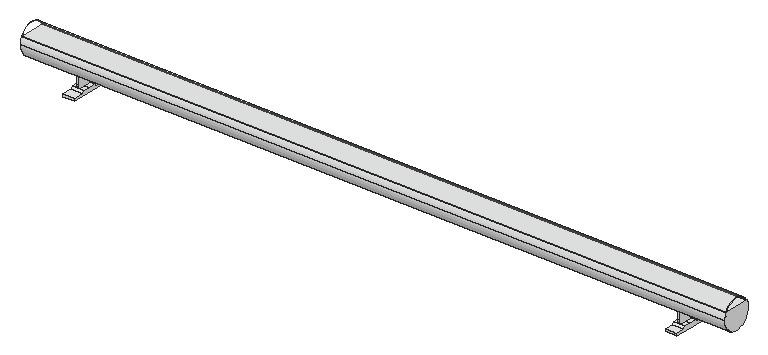
Revit family "Lighting-Linear-Acclaim-Aqua Graze", category Lighting Fixtures, host Face, Revit 2016
Family settings
  Host = Face
  Part Type = Normal
  Round Connector Dimension = Use Diameter
  Cut with Voids When Loaded = No
  Light Source = Yes
  Shared = No
  Room Calculation Point = No
Parameters (values of type "D")
  Wattage = 9.2903 W
  built-in parameter 1150110 = 1 (stored number, unit not read)
  Voltage = 0 V
  URL = "http://www.acclaimlighting.com/"
  built-in parameter 1114217 = 1 (stored number, unit not read)
  Tilt Angle = -90.00°
  built-in parameter 1150109 = 1 (stored number, unit not read)
  built-in parameter 1150134 = 3
  built-in parameter 1150113 = 1 (stored number, unit not read)
  Power Factor = 1
  Photometric Web File = "generic"
  Number of Poles = 1
  built-in parameter 1150142 = (empty or 0)
  Model = "Aqua Graze"
  Manufacturer = "Acclaim Lighting"
  built-in parameter 1150105 = 109.82 (stored number, unit not read)
  Lumens = 1380 lm
  built-in parameter 1150115 = 1 (stored number, unit not read)
  built-in parameter 1150137 = (empty or 0)
  built-in parameter 1150139 = (empty or 0)
  Length = 4' - 0"
  built-in parameter 1150112 = 1 (stored number, unit not read)
  built-in parameter 1150114 = 1 (stored number, unit not read)
  Lamp = "LED"
  built-in parameter 1150132 = (empty or 0)
  built-in parameter 1150102 = (empty or 0)
  built-in parameter 1150107 = 3200 (stored number, unit not read)
  built-in parameter 1150138 = (empty or 0)
  built-in parameter 1150106 = 1.0982 (stored number, unit not read)
  Housing Finish = Aluminum
  Emit from Line Length = Length  # 4' - 0"
  built-in parameter 1150104 = 13.8 (stored number, unit not read)
  Dimming Lamp Color Temperature Shift = <None>
  Description = "Graze Lighting"
  Default Elevation = 4' - 0"
  Color Filter = 16777215
  built-in parameter 1114218 = 1 (stored number, unit not read)
  built-in parameter 1150133 = 10 (stored number, unit not read)
  Apparent Load = 0 VA
Types (3): name | Model | Length | Emit from Line Length
  (no name) | "Aqua Graze" | 4' - 0" | 4' - 0"
  A | "Dyna Graze Exterior HO" | 1' - 0" | 1' - 0"
  D | "Aqua Graze" | 4' - 0" | 4' - 0"
Reference planes (in)
  plane 1 "Center (Front/Back)": y = 0
  plane 2: z = 0
  plane 3 "Center (Left/Right)": x = 0
  plane 4: x = -24
  plane 5: x = 24
  plane 6: x = -20.86874
  plane 7: x = -20.08749
  plane 8: x = 20.06876
  plane 9: x = 20.85001
  plane 10: z = 2.95
  plane 11: z = 2.03932
  plane 12: y = 1.44922
  plane 13: y = -1.44922
Forms (in)
  Extrusion 1, solid, material "Aluminum" <- "Housing Finish"
    sketch origin (0, 0, 0) x (0, 1, 0) y (0, 0, 1)
      loop
        line (-1.26397, 0.14958) -> (-1.26397, 0) -> (0, 0) -> (1.31865, 0) -> (1.31865, 0.14958) -> (0.54942, 0.14958) -> (0.45223, 0.28839) -> (0, 0.28839) -> (-0.45223, 0.28839) -> (-0.54942, 0.14958) -> (-1.26397, 0.14958)
    from -20.86874 to -20.08749
  Extrusion 2, solid, material "Aluminum" <- "Housing Finish"
    sketch origin (0, 0, 0) x (0, 1, 0) y (0, 0, 1)
      loop
        line (-1.13115, 0.14958) -> (-1.13115, 0) -> (0, 0) -> (1.11553, 0) -> (1.11553, 0.14958) -> (0.54942, 0.14958) -> (0.45223, 0.28839) -> (0, 0.28839) -> (-0.45223, 0.28839) -> (-0.54942, 0.14958) -> (-1.13115, 0.14958)
    from 20.06876 to 20.85001
  Extrusion 3, solid, material "Aluminum"
    sketch origin (0, 0, 0) x (0, 1, 0) y (0, 0, 1)
      loop
        line (0.49683, 1.14715) -> (-0.49683, 1.14715) -> (-0.49683, 0.55647)
        arc (-0.49683, 0.55647) -> (-0.34348, 0.23988) -> (0, 0.16395) r 0.40347
        arc (0, 0.16395) -> (0.34348, 0.23988) -> (0.49683, 0.55647) r 0.40347
        line (0.49683, 0.55647) -> (0.49683, 1.14715)
    from 20.38561 to 20.49828
  Extrusion 4, solid, material "Aluminum"
    sketch origin (0, 0, 0) x (0, 1, 0) y (0, 0, 1)
      loop
        line (0.49683, 1.14715) -> (-0.49683, 1.14715) -> (-0.49683, 0.55647)
        arc (-0.49683, 0.55647) -> (-0.34348, 0.23988) -> (0, 0.16395) r 0.40347
        arc (0, 0.16395) -> (0.34348, 0.23988) -> (0.49683, 0.55647) r 0.40347
        line (0.49683, 0.55647) -> (0.49683, 1.14715)
    from -20.55346 to -20.44983
  Extrusion 5, solid, material "Aluminum"
    sketch origin (0, 0, 0) x (0, 1, 0) y (0, 0, 1)
      loop
        circle (0, 1.95078) r 1
    from -24 to 24
  Extrusion 6, void
    sketch origin (0, 0, 0) x (0, 1, 0) y (0, 0, 1)
      loop
        arc (0.89953, 2.38765) -> (0, 2.95078) -> (-0.89953, 2.38765) r 1
        line (-0.89953, 2.38765) -> (0.89953, 2.38765)
    from -24 to 24
  Extrusion 7, solid, material "Glass"
    sketch origin (0, 0, 0) x (0, 1, 0) y (0, 0, 1)
      loop
        arc (0.89953, 2.38765) -> (0, 2.95) -> (-0.89953, 2.38765) r 1.00061
        line (-0.89953, 2.38765) -> (-0.82944, 2.38765)
        arc (-0.82944, 2.38765) -> (0, 2.8875) -> (0.82944, 2.38765) r 0.93811
        line (0.82944, 2.38765) -> (0.89953, 2.38765)
    from -24 to 24
Cuts and joins
  Extrusion 6 cuts Extrusion 5
Dimensions and locks (in)
  equal spacing: plane 4, plane 3 "Center (Left/Right)", plane 5
  plane 4 to plane 5 = 4' - 0"
  equal spacing: plane 5, plane 3 "Center (Left/Right)", plane 4
  "Length": plane 5 to plane 4
  equal spacing: plane 12, plane 1 "Center (Front/Back)", plane 13
  plane 12 to plane 13 = 0' - 2 115/128"
  plane 8 to plane 9 to plane 5 = 0' - 0 25/32" locked, 0' - 3.14999" locked
  plane 4 to plane 6 to plane 7 = 0' - 3.13126" locked, 0' - 0 25/32" locked
  Extrusion 2 to Extrusion 3 to Extrusion 3 to Extrusion 2 = 0' - 0.31686" locked, 0' - 0.11267" locked, 0' - 0.35173" locked
  Extrusion 1 to Extrusion 4 to Extrusion 4 to Extrusion 1 = 0' - 0.31528" locked, 0' - 0.10363" locked, 0' - 0.36234" locked
  aligned and locked: plane 2 to host face
  aligned and locked: level to host face
  aligned and locked: plane 9 to Extrusion 2
  aligned and locked: Extrusion 2 to plane 8
  aligned and locked: plane 7 to Extrusion 1
  aligned and locked: Extrusion 1 to plane 6
  aligned and locked: Extrusion 5 to plane 4
  aligned and locked: plane 5 to Extrusion 5
  aligned and locked: plane 5 to Extrusion 6
  aligned and locked: Extrusion 6 to plane 4
  aligned and locked: plane 5 to Extrusion 7
  aligned and locked: Extrusion 7 to plane 4
Automatic sketch dimensions
  host sketch curve to host sketch curve = 8' - 0"  (x2)
  Extrusion 1 sketch curve to level = 0' - 0"
  Extrusion 1 sketch curve to plane 1 "Center (Front/Back)" = 0' - 0"  (x2)
  plane 1 "Center (Front/Back)" to Extrusion 1 sketch curve = 0' - 0.45223"
  Extrusion 1 sketch curve to Extrusion 1 sketch curve = 0' - 0.0972"  (x2)
  Extrusion 1 sketch curve to plane 13 = 0' - 0.18525"
  Extrusion 1 sketch curve to Extrusion 1 sketch curve = 0' - 0.45223"
  plane 12 to Extrusion 1 sketch curve = 0' - 0.13057"
  level to Extrusion 1 sketch curve = 0' - 0.14958"  (x2)
  level to Extrusion 1 sketch curve = 0' - 0.28839"
  Extrusion 2 sketch curve to level = 0' - 0"
  Extrusion 2 sketch curve to plane 1 "Center (Front/Back)" = 0' - 0"  (x2)
  Extrusion 2 sketch curve to Extrusion 2 sketch curve = 0' - 0.45223"
  Extrusion 2 sketch curve to Extrusion 2 sketch curve = 0' - 0.0972"  (x2)
  Extrusion 2 sketch curve to plane 13 = 0' - 0.31807"
  Extrusion 2 sketch curve to plane 1 "Center (Front/Back)" = 0' - 0.45223"
  plane 12 to Extrusion 2 sketch curve = 0' - 0.33369"
  level to Extrusion 2 sketch curve = 0' - 0.14958"  (x2)
  level to Extrusion 2 sketch curve = 0' - 0.28839"
  Extrusion 3 sketch curve to plane 1 "Center (Front/Back)" = 0' - 0"
  plane 1 "Center (Front/Back)" to Extrusion 3 sketch curve = 0' - 0.09336"
  plane 1 "Center (Front/Back)" to Extrusion 3 sketch curve = 0' - 0.49683"
  Extrusion 3 sketch curve to plane 1 "Center (Front/Back)" = 0' - 0.09336"
  Extrusion 3 sketch curve to Extrusion 3 sketch curve = 0' - 0.40347"
  level to Extrusion 3 sketch curve = 0' - 0.55647"
  Extrusion 3 sketch curve to Extrusion 3 sketch curve = 0' - 0.59068"
  plane 12 to Extrusion 4 sketch curve = 0' - 1.94605"
  Extrusion 4 sketch curve to Extrusion 4 sketch curve = 0' - 0.40347"  (x2)
  Extrusion 4 sketch curve to Extrusion 4 sketch curve = 0' - 0.18672"
  level to Extrusion 4 sketch curve = 0' - 0.55647"  (x2)
  Extrusion 4 sketch curve to Extrusion 4 sketch curve = 0' - 0.59068"
  Extrusion 5 sketch curve to plane 1 "Center (Front/Back)" = 0' - 0"
  Extrusion 5 sketch curve to plane 11 = 0' - 0.08854"
  Extrusion 6 sketch curve to plane 1 "Center (Front/Back)" = 0' - 0"
  Extrusion 6 sketch curve to plane 11 = 0' - 0.08854"
  plane 12 to Extrusion 6 sketch curve = 0' - 0.54969"
  plane 11 to Extrusion 6 sketch curve = 0' - 0.34833"
  Extrusion 7 sketch curve to Extrusion 7 sketch curve = 0' - 0"  (x2)
  Extrusion 7 sketch curve to plane 1 "Center (Front/Back)" = 0' - 0"
  Extrusion 7 sketch curve to plane 11 = 0' - 0.08992"
  plane 11 to Extrusion 7 sketch curve = 0' - 0.34833"
  Extrusion 7 sketch curve to Extrusion 7 sketch curve = 0' - 0.07008"  (x2)
  Extrusion 7 sketch curve to plane 13 = 0' - 0.54969"
  radius of Extrusion 5 sketch curve = 0' - 1"
Connectors (in)
  electrical at (24, 0, 1.95078), driven by "Number of Poles", driven by "Voltage", driven by "Apparent Load", driven by "Power Factor"
    settings: on Extrusion 5, index 1, voltage 0 V, apparent load 0 VA, apparent load phase1 0 VA, apparent load phase2 0 VA, apparent load phase3 0 VA, power factor 1, load classification "Other", number of poles 1, system type 31, power factor state 1, is connector primary yes, connector utility no, sub classification motor no, connector description ""
